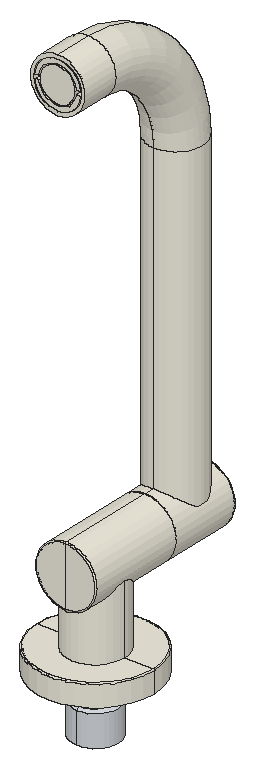
Revit family "Reece_Tap_Sussex_Scala_Curved_Bath Outlet_Swivel", category Plumbing Fixtures, host Face, Revit 2018
Family settings
  Host = Face
  Round Connector Dimension = Use Diameter
  Part Type = Normal
  Cut with Voids When Loaded = No
  Shared = Yes
  Room Calculation Point = Yes
Parameters (values of type "250 mm_PVD Brushed Platinum Gold")
  WFU = 0  # constant formula
  URL = "https://www.reece.com.au/product/-2268310"
  Type Comments = "Tap"
  Reece_Tap_Reach = 250 mm
  Reece_Tap_Inlet = 12.5 mm  # constant formula
  Reece_Tap_Clearance = 80 mm  # constant formula
  Reece_Product_Web Page = "https://www.reece.com.au/product/-2268310"
  Reece_Product_Type = "Tap"  # constant formula
  Reece_Product_Sub Brand = "Scala"  # constant formula
  Reece_Product_Number = "2268310"
  Reece_Product_Mount = "Wall Mounted"
  Reece_Product_Description = "Sussex Scala Bath Outlet Swivel Curved 250mm LUX PVD Brushed Platinum Gold"
  Reece_Product_Brand = "Sussex"  # constant formula
  Reece_Material_Main = Reece_PVD_Brushed_Platinum Gold
  Reece_Detail_Type = "Bath Outlet"  # constant formula
  Reece_Detail_Shape = "Curved"  # constant formula
  Reece_Detail_Disclaimer = "THIS FILE IS THE PROPERTY OF THE REECE GROUP. IT MAY NOT BE REPRODUCED, REVERSE-ENGINEERED OR MODIFIED. ANY REPUBLICATION, TRANSMISSION OR DISTRIBUTION FOR THE PURPOSE OF COMMERCIALLY EXPLOITING THE FILES IS PROHIBITED."  # constant formula
  Reece_Detail_Additional = "Swivel"  # constant formula
  Reece_Backplate_Thickness = 10 mm  # constant formula
  Model = "Scala"
  Manufacturer = "Sussex"
  Keynote = "Product #2268310, Reece_Tap_Sussex_Scala_Curved_Bath Outlet_Swivel - 250 mm_PVD Brushed Platinum Gold"
  HWFU = 0  # constant formula
  Disclaimer = "THIS FILE IS THE PROPERTY OF THE REECE GROUP. IT MAY NOT BE REPRODUCED, REVERSE-ENGINEERED OR MODIFIED. ANY REPUBLICATION, TRANSMISSION OR DISTRIBUTION FOR THE PURPOSE OF COMMERCIALLY EXPLOITING THE FILES IS PROHIBITED."  # constant formula
  Description = "Scala Bath Outlet Swivel Curved 250mm LUX PVD Brushed Platinum Gold"
  Default Elevation = 1000 mm
  CWFU = 0  # constant formula
Types (6, lengths in mm): name | URL | Reece_Tap_Reach | Reece_Product_Web Page | Reece_Product_Number | Reece_Product_Description | Reece_Material_Main | Keynote | Description
  210 mm_Brushed Nickel | "https://www.reece.com.au/product/-2269358" | 210 | "https://www.reece.com.au/product/-2269358" | "2269358" | "Sussex Scala Bath Outlet Swivel Curved 210mm Brushed Nickel" | Reece_Brass_Brushed Nickel | "Product #2269358, Reece_Tap_Sussex_Scala_Curved_Bath Outlet_Swivel - 210 mm_Brushed Nickel" | "Scala Bath Outlet Swivel Curved 210mm Brushed Nickel"
  210 mm_Chrome | "https://www.reece.com.au/product/-2285653" | 210 | "https://www.reece.com.au/product/-2285653" | "2285653" | "Sussex Scala Bath Outlet Swivel Curved 210mm Chrome" | Reece_Brass_Chrome | "Product #2285653, Reece_Tap_Sussex_Scala_Curved_Bath Outlet_Swivel - 210 mm_Chrome" | "Scala Bath Outlet Swivel Curved 210mm Chrome"
  210 mm_PVD Brushed Platinum Gold | "https://www.reece.com.au/product/-2268309" | 210 | "https://www.reece.com.au/product/-2268309" | "2268309" | "Sussex Scala Bath Outlet Swivel Curved 210mm LUX PVD Brushed Platinum Gold" | Reece_PVD_Brushed_Platinum Gold | "Product #2268309, Reece_Tap_Sussex_Scala_Curved_Bath Outlet_Swivel - 210 mm_PVD Brushed Platinum Gold" | "Scala Bath Outlet Swivel Curved 210mm LUX PVD Brushed Platinum Gold"
  250 mm_Brushed Nickel | "https://www.reece.com.au/product/-2269360" | 250 | "https://www.reece.com.au/product/-2269360" | "2269360" | "Sussex Scala Bath Outlet Swivel Curved 250mm Brushed Nickel" | Reece_Brass_Brushed Nickel | "Product #2269360, Reece_Tap_Sussex_Scala_Curved_Bath Outlet_Swivel - 250 mm_Brushed Nickel" | "Scala Bath Outlet Swivel Curved 250mm Brushed Nickel"
  250 mm_Chrome | "https://www.reece.com.au/product/-2285654" | 250 | "https://www.reece.com.au/product/-2285654" | "2285654" | "Sussex Scala Bath Outlet Swivel Curved 250mm Chrome" | Reece_Brass_Chrome | "Product #2285654, Reece_Tap_Sussex_Scala_Curved_Bath Outlet_Swivel - 250 mm_Chrome" | "Scala Bath Outlet Swivel Curved 250mm Chrome"
  250 mm_PVD Brushed Platinum Gold | "https://www.reece.com.au/product/-2268310" | 250 | "https://www.reece.com.au/product/-2268310" | "2268310" | "Sussex Scala Bath Outlet Swivel Curved 250mm LUX PVD Brushed Platinum Gold" | Reece_PVD_Brushed_Platinum Gold | "Product #2268310, Reece_Tap_Sussex_Scala_Curved_Bath Outlet_Swivel - 250 mm_PVD Brushed Platinum Gold" | "Scala Bath Outlet Swivel Curved 250mm LUX PVD Brushed Platinum Gold"
Reference planes
  plane 1 "Center (Front/Back)": y = 0
  plane 2 "Bottom": z = 0
  plane 3 "Center (Left/Right)": x = 0
  plane 4 "Top": z = 250
  plane 5: z = 46
  plane 6: z = 10
  plane 7: x = -27.018
  plane 8: x = 27.018
  plane 9: y = 46
  plane 10: x = -12.5
  plane 11: x = 12.5
  plane 12: y = 58.5
  plane 13: y = -21.5
  plane 14: y = 62.6
  plane 15: y = -17
Forms (mm)
  Revolve 1, solid, material "Reece_PVD_Brushed_Platinum Gold" <- "Reece_Material_Main"
    sketch origin (0, 0, 0) x (1, 0, 0) y (0, 0, 1)
      loop
        line (27.018, 0) -> (27.018, 9.5)
        arc (27.018, 9.5) -> (26.872, 9.854) -> (26.518, 10) r 0.5
        line (26.518, 10) -> (13.318, 10) -> (13.318, 46) -> (0, 46) -> (0, 5) -> (13.318, 5) -> (13.318, 0) -> (27.018, 0)
      axis (0, 46) -> (0, 0)
    angle from 0 to 360
  Revolve 2, solid, material "Reece_PVD_Brushed_Platinum Gold" <- "Reece_Material_Main"
    sketch origin (0, 0, 0) x (0, -1, 0) y (0, 0, 1)
      loop
        line (-28.6, 46) -> (-28.6, 60) -> (-62.1, 60)
        arc (-62.1, 60) -> (-62.454, 59.854) -> (-62.6, 59.5) r 0.5
        line (-62.6, 59.5) -> (-62.6, 46) -> (-28.6, 46)
      axis (-62.6, 46) -> (-28.6, 46)
    angle from 0 to 360
  Sweep 3, solid, material "Reece_PVD_Brushed_Platinum Gold" <- "Reece_Material_Main"
    path origin (0, 45, 0) x (0, 1, 0) y (0, 0, 1)
      loop
        line (1, 46) -> (1, 200)
        arc (1, 200) -> (-13.645, 235.355) -> (-49, 250) r 50
        line (-49, 250) -> (-66.5, 250)
    profile origin (0, 46, 123) x (0, -1, 0) y (1, 0, 0)
      loop
        circle (0, 0) r 12.5
      loop
        circle (0, 0) r 10.9
  Revolve 4, solid
    sketch origin (0.017, 0, 4.983) x (0, 1, 0) y (0, 0, 1)
      loop
        line (0, 0) -> (0, -31.025) -> (10.5, -31.025) -> (10.5, -16.87) -> (8.841, -15.708) -> (8.841, -14.208) -> (10.5, -13.046) -> (8.81, -11.863) -> (8.81, -10.363) -> (10.5, -9.179) -> (8.841, -8.018) -> (8.841, -6.518) -> (10.5, -5.356) -> (8.81, -4.173) -> (8.81, -3.183) -> (10.5, -2) -> (10.5, 0) -> (0, 0)
      axis (0, 0) -> (0, -31.025)
    angle from 0 to 360
  Extrusion 5, void
    sketch origin (0, 0, 0) x (1, 0, 0) y (0, 1, 0)
      loop
        circle (0, 0) r 14
    from 0 to -26.042
  Extrusion 6, solid, material "Reece_PVD_Brushed_Platinum Gold" <- "Reece_Material_Main"
    sketch origin (0, 45.5, -40) x (1, 0, 0) y (0, 0, 1)
      loop
        circle (0, 290) r 7.879
      loop
        line (-10.621, 291) -> (-8.61, 291)
        arc (-8.61, 291) -> (0, 298.668) -> (8.61, 291) r 8.668
        line (8.61, 291) -> (10.621, 291)
        arc (10.621, 291) -> (0, 300.668) -> (-10.621, 291) r 10.668
      loop
        arc (-10.621, 289) -> (0, 279.332) -> (10.621, 289) r 10.668
        line (10.621, 289) -> (8.61, 289)
        arc (8.61, 289) -> (0, 281.332) -> (-8.61, 289) r 8.668
        line (-8.61, 289) -> (-10.621, 289)
    from 64.455 to 67
  Extrusion 7, solid, material "Reece_PVD_Brushed_Platinum Gold" <- "Reece_Material_Main"
    sketch origin (0, 45.5, -40) x (1, 0, 0) y (0, 0, 1)
      loop
        circle (0, 290) r 10.9
    from 62.104 to 64.455
  Revolve 8, solid, material "Reece_PVD_Brushed_Platinum Gold" <- "Reece_Material_Main"
    sketch origin (0, 0, 0) x (0, -1, 0) y (0, 0, 1)
      loop
        line (17, 46) -> (17, 59.5)
        arc (17, 59.5) -> (16.854, 59.854) -> (16.5, 60) r 0.5
        line (16.5, 60) -> (-28.362, 60) -> (-28.362, 59.181) -> (-29.996, 59.181) -> (-29.996, 46) -> (17, 46)
      axis (-29.996, 46) -> (17, 46)
    angle from 0 to 360
Cuts and joins
  joined: Revolve 1, Revolve 2, Sweep 3, Revolve 8
Text (mm)
  text "Reece Copyright © 2018, Reece Ltd." at (-180.222, -181.072, 0), in view "Ref. Level"
  text "Reece ©" at (44.384, 258.95, 192.345), in view "Reece Preview"
Dimensions and locks
  plane 4 "Top" to plane 2 "Bottom" = 250 mm
  "Reece_Tap_Reach": plane 4 "Top" to plane 2 "Bottom"
  plane 4 "Top" to Sweep 3 sketch curve to Sweep 3 sketch curve to Sweep 3 sketch curve = 0 mm locked, 0 mm locked, 50 mm locked
  plane 6 to plane 2 "Bottom" = 10 mm
  plane 8 to plane 7 = 54.036 mm  (x2)
  plane 2 "Bottom" to plane 5 = 46 mm  (x2)
  plane 9 to plane 1 "Center (Front/Back)" = 46 mm
  "Reece_Backplate_Thickness": plane 6 to plane 2 "Bottom"
  plane 10 to plane 11 = 25 mm  (x2)
  plane 2 "Bottom" to plane 4 "Top" = 250 mm
  plane 11 to plane 10 = 25 mm
  plane 2 "Bottom" to plane 6 = 10 mm
  plane 5 to plane 2 "Bottom" = 46 mm
  "Reece_Tap_Clearance": plane 12 to plane 13
  aligned and locked: plane 2 "Bottom" to host face
  aligned and locked: level to host face
  aligned and locked: Sweep 3 sketch curve to plane 9
  aligned and locked: Revolve 4 sketch curve to plane 1 "Center (Front/Back)"
Automatic sketch dimensions
  host sketch curve to host sketch curve = 380.785 mm
  host sketch curve to host sketch curve = 317.421 mm
  Revolve 1 sketch curve to plane 3 "Center (Left/Right)" = 0 mm  (x2)
  Revolve 1 sketch curve to plane 6 = 0 mm
  Revolve 1 sketch curve to plane 5 = 0 mm
  Revolve 1 sketch curve to level = 0 mm  (x2)
  Revolve 1 sketch curve to plane 8 = 0 mm
  plane 3 "Center (Left/Right)" to Revolve 1 sketch curve = 13.318 mm
  Revolve 1 sketch curve to Revolve 1 sketch curve = 0 mm
  plane 6 to Revolve 1 sketch curve = 0.5 mm
  Revolve 1 sketch curve to Revolve 1 sketch curve = 5 mm
  Revolve 1 sketch curve to plane 5 = 15.034 mm
  plane 5 to Revolve 2 sketch curve = 0 mm  (x2)
  Revolve 2 sketch curve to plane 9 = 17.4 mm
  Revolve 2 sketch curve to Revolve 2 sketch curve = 53.463 mm
  Sweep 3 sketch curve to Sweep 3 sketch curve = 0 mm  (x2)
  Sweep 3 sketch curve to plane 3 "Center (Left/Right)" = 0 mm
  Sweep 3 sketch curve to profile plane = 0 mm
  Revolve 4 sketch curve to plane 1 "Center (Front/Back)" = 0 mm
  Revolve 4 sketch curve to plane 1 "Center (Front/Back)" = 8.81 mm
  level to Revolve 4 sketch curve = 0.811 mm
  Revolve 4 sketch curve to Revolve 4 sketch curve = 0 mm
  Revolve 4 sketch curve to Revolve 4 sketch curve = 0.031 mm  (x2)
  Revolve 4 sketch curve to level = 1.534 mm
  Revolve 4 sketch curve to level = 4.196 mm
  Revolve 4 sketch curve to Revolve 4 sketch curve = 1.659 mm  (x3)
  Revolve 4 sketch curve to level = 0.373 mm
  level to Revolve 4 sketch curve = 2.983 mm
  Revolve 4 sketch curve to Revolve 4 sketch curve = 1.69 mm
  Revolve 4 sketch curve to Revolve 4 sketch curve = 10.5 mm
  Revolve 4 sketch curve to Revolve 4 sketch curve = 1.183 mm  (x2)
  Revolve 4 sketch curve to Revolve 4 sketch curve = 1.5 mm  (x3)
  Revolve 4 sketch curve to Revolve 4 sketch curve = 1.162 mm  (x2)
  Revolve 4 sketch curve to Revolve 4 sketch curve = 14.155 mm
  Revolve 4 sketch curve to Revolve 4 sketch curve = 0.989 mm
  level to Revolve 4 sketch curve = 4.983 mm
  Revolve 4 sketch curve to Revolve 4 sketch curve = 6.287 mm
  Revolve 4 sketch curve to plane 6 = 17.671 mm
  plane 1 "Center (Front/Back)" to Extrusion 5 sketch curve = 0 mm
  Extrusion 5 sketch curve to plane 3 "Center (Left/Right)" = 0 mm
  Extrusion 6 sketch curve to Extrusion 6 sketch curve = 0 mm  (x24)
  Extrusion 6 sketch curve to plane 3 "Center (Left/Right)" = 0 mm
  plane 10 to Extrusion 6 sketch curve = 3.89 mm
  plane 10 to Extrusion 6 sketch curve = 1.879 mm
  plane 11 to Extrusion 6 sketch curve = 3.89 mm
  plane 11 to Extrusion 6 sketch curve = 1.879 mm
  Extrusion 6 sketch curve to plane 4 "Top" = 1 mm
  Extrusion 6 sketch curve to Extrusion 6 sketch curve = 1 mm
  Extrusion 6 sketch curve to Extrusion 6 sketch curve = 2 mm
  Extrusion 7 sketch curve to plane 3 "Center (Left/Right)" = 0 mm
  Extrusion 7 sketch curve to plane 4 "Top" = 0 mm
  plane 9 to Revolve 2 sketch curve = 16.1 mm
  Revolve 2 sketch curve to Revolve 2 sketch curve = 0.5 mm
  Revolve 2 sketch curve to Revolve 2 sketch curve = 4.262 mm
  Revolve 2 sketch curve to Revolve 2 sketch curve = 13.5 mm
  plane 5 to Revolve 8 sketch curve = 0 mm  (x2)
  Revolve 8 sketch curve to plane 9 = 17.638 mm
  plane 13 to Revolve 8 sketch curve = 5 mm
  plane 13 to Revolve 8 sketch curve = 4.5 mm
  Revolve 8 sketch curve to plane 5 = 13.181 mm
  Revolve 8 sketch curve to Revolve 8 sketch curve = 13.5 mm
  Revolve 8 sketch curve to Revolve 8 sketch curve = 1.635 mm
  Revolve 8 sketch curve to Revolve 8 sketch curve = 36.865 mm
  Revolve 8 sketch curve to plane 13 = 3.363 mm
  Sweep 3 sketch curve to plane 13 = 0 mm
  plane 5 to Sweep 3 sketch curve = 0 mm
  radius of Sweep 3 sketch curve = 12.5 mm
  radius of Sweep 3 sketch curve = 10.9 mm
  radius of Extrusion 5 sketch curve = 14 mm
  radius of Extrusion 6 sketch curve = 7.879 mm
  radius of Extrusion 7 sketch curve = 10.9 mm
Connectors
  piping at (0.017, 0, -26.042), diameter 12.5, driven by "Reece_Tap_Inlet"
    settings: on Revolve 4, index 1, connector inside diameter 609.6 mm, connector length 0 mm, flow factor 0, pipe flow 0.0 L/s, pressure drop 0.0 Pa, fitting loss kfactor 0, connector angle 0.00°, fixture units 0, engagement length 0 mm, angle of deflection 0.00°, flow configuration 0, flow direction 1, fitting loss method 0, system type 29, joint type 0, gender type 0, connector reference index -1, connector utility 0, adjustable connector no, is connector primary yes, connector description ""
